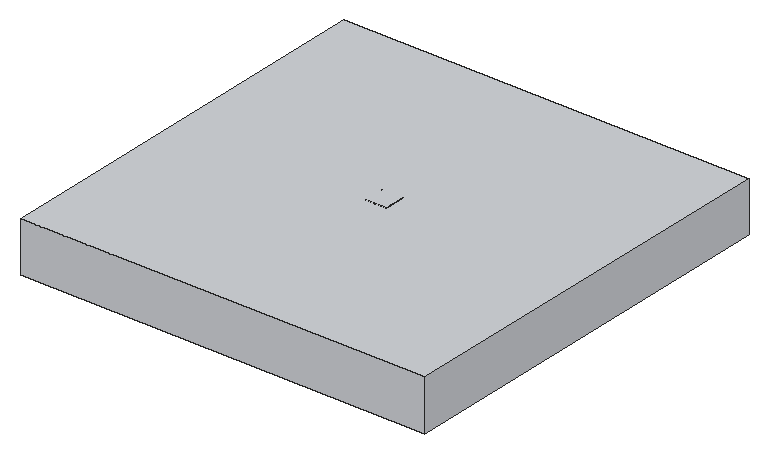
Revit family "M_Dreno de telhado - Retangular", category Peças hidrossanitárias, Revit 2019
Family settings
  Hospedeiro = Face
  Cota do conector redondo = Usar raio
  Tipo de parte = Normal
  Número OmniClass = 23.45.55.21
  Título OmniClass = Drains (Wastes)
  ID de item do Seek = Floor Drain - Rectangular-0000-CAN-ENU
  Corte com vazios quando carregada = Não
  Compartilhado = Não
  Ponto de cálculo do ambiente = Não
Parameters (values of type "125 mmx125 mm Filtro - Dreno de 50 mm")
  WFU = 2
  Altura do filtro = 83 mm
  Comprimento de meio filtro = 62.5 mm
  Comprimento do filtro = 2 * Comprimento de meio filtro  # 125 mm
  Raio 2 = (Raio do corpo - Raio da tubulação) / 3 * 2 + Raio da tubulação  # 77.133 mm
  Raio 1 = (Raio do corpo - Raio da tubulação) / 3 + Raio da tubulação  # 51.267 mm
  Raio 3 = 0.5 * Raio do corpo  # 51.5 mm
  Raio da tubulação = 25.4 mm
  Diâmetro da tubulação = 2 * Raio da tubulação  # 50.8 mm
  Altura 2 = 0.2 * Altura do corpo  # 18.4 mm
  Altura 1 = 0.5 * Altura do corpo  # 46 mm
  HWFU = 0
  Material da drenagem = none
  Default Elevation = 0 mm
  CWFU = 0
  Raio do corpo = 103 mm
  Altura do corpo = 92 mm
  Diâmetro do corpo = 2 * Raio do corpo  # 206 mm
Types (10, lengths in mm): name | WFU | Altura do filtro | Comprimento de meio filtro | Comprimento do filtro | Raio 2 | Raio 1 | Raio da tubulação | Diâmetro da tubulação | Altura 2 | Altura 1 | Altura do corpo
  (no name) | 2 | 83 | 62.5 | 125 | 77.133 | 51.267 | 25.4 | 50.8 | 18.4 | 46 | 92
  125 mmx125 mm Filtro - Dreno de 50 mm | 2 | 83 | 62.5 | 125 | 77.133 | 51.267 | 25.4 | 50.8 | 18.4 | 46 | 92
  125 mmx125 mm Filtro - Dreno de 80 mm | 3 | 83 | 62.5 | 125 | 82 | 61 | 40 | 80 | 18.4 | 46 | 92
  125 mmx125 mm Filtro - Dreno de 100 mm | 4 | 83 | 62.5 | 125 | 85.333 | 67.667 | 50 | 100 | 18.4 | 46 | 92
  150 mmx150 mm Filtro - Dreno de 50 mm | 2 | 83 | 75 | 150 | 77 | 51 | 25 | 50 | 16.4 | 41 | 82
  200 mmx200 mm Filtro - Dreno de 50 mm | 2 | 92 | 100 | 200 | 77 | 51 | 25 | 50 | 18.4 | 46 | 92
  150 mmx150 mm Filtro - Dreno de 80 mm | 3 | 83 | 75 | 150 | 82 | 61 | 40 | 80 | 18.4 | 46 | 92
  200 mmx200 mm Filtro - Dreno de 80 mm | 3 | 83 | 100 | 200 | 82 | 61 | 40 | 80 | 18.4 | 46 | 92
  150 mmx150 mm Filtro - Dreno de 100 mm | 4 | 83 | 60 | 120 | 85.333 | 67.667 | 50 | 100 | 18.4 | 46 | 92
  200 mmx200 mm Filtro - Dreno de 100 mm | 4 | 92 | 100 | 200 | 85.333 | 67.667 | 50 | 100 | 18.4 | 46 | 92
Reference planes
  plane 1 "Centro (Frente/Trás)": y = 0
  plane 2: z = 0
  plane 3 "Centro (Esquerda/Direita)": x = 0
  plane 4: z = -129
  plane 5: z = -110.6
  plane 6: z = -90.62
  plane 7: z = -175
  plane 8: z = -75.38
  plane 9: z = -15.24
  plane 10: z = -5.08
  plane 11 "Parte superior do filtro": z = 0
  plane 12: x = -62.5
  plane 13: x = 62.5
  plane 14: y = 62.5
  plane 15: y = -62.5
  plane 16: z = -83
  plane 17: x = -51.5
Forms (mm)
  Extrusion 1, solid
    sketch origin (0, 0, 0) x (1, 0, 0) y (0, 1, 0)
      loop
        line (-1219.2, 1219.2) -> (-1219.2, -1219.2) -> (1219.2, -1219.2) -> (1219.2, 1219.2) -> (-1219.2, 1219.2)
    from 0 to -304.8
  Extrusion 2, solid, material <- "Material da drenagem"
    sketch origin (0, 0, 0) x (-1, 0, 0) y (0, -1, 0)
      loop
        circle (0, 0) r 25.4
    from -175 to -129
  Extrusion 3, solid, material <- "Material da drenagem"
    sketch origin (0, 0, 0) x (-1, 0, 0) y (0, -1, 0)
      loop
        circle (0, 0) r 51.267
    from -129 to -110.6
  Extrusion 4, solid, material <- "Material da drenagem"
    sketch origin (0, 0, 0) x (-1, 0, 0) y (0, -1, 0)
      loop
        circle (0, 0) r 77.133
    from -110.6 to -90.62
  Extrusion 5, solid, material <- "Material da drenagem"
    sketch origin (0, 0, 0) x (-1, 0, 0) y (0, -1, 0)
      loop
        circle (0, 0) r 103
    from -90.62 to -83
  Extrusion 6, solid, material <- "Material da drenagem"
    sketch origin (0, 0, 0) x (-1, 0, 0) y (0, -1, 0)
      loop
        circle (0, 0) r 103
    from -83 to -75.38
  Extrusion 7, solid, material <- "Material da drenagem"
    sketch origin (0, 0, 0) x (-1, 0, 0) y (0, -1, 0)
      loop
        circle (0, 0) r 51.5
    from -75.38 to -15.24
  Revolve 8, solid, material <- "Material da drenagem"
    sketch origin (0, 0, 0) x (1, 0, 0) y (0, 0, 1)
      loop
        line (-62.5, -5.08) -> (-51.5, -15.24) -> (0, -15.24) -> (0, -5.08) -> (-62.5, -5.08)
      axis (0, -5.08) -> (0, -15.24)
    angle from 0 to 360
  Extrusion 9, solid, material <- "Material da drenagem"
    sketch origin (0, 0, 0) x (-1, 0, 0) y (0, -1, 0)
      loop
        line (62.5, -62.5) -> (62.5, 62.5) -> (-62.5, 62.5) -> (-62.5, -62.5) -> (62.5, -62.5)
    from -5.08 to 0
Cuts and joins
  joined: Extrusion 2, Extrusion 3, Extrusion 4, Extrusion 5
  joined: Extrusion 6, Extrusion 7, Revolve 8, Extrusion 9
Lines and regions (mm)
  model lines
    curve 1: line (-62.5, 0, 0) -> (62.5, 0, 0)
    curve 2: line (0, 62.5, 0) -> (0, -62.5, 0)
    curve 3: line (-50, 50, 0) -> (50, 50, 0)
    curve 4: line (-50, -50, 0) -> (-50, 50, 0)
    curve 5: line (50, -50, 0) -> (-50, -50, 0)
    curve 6: line (50, 50, 0) -> (50, -50, 0)
    curve 7: line (-37.5, 37.5, 0) -> (37.5, 37.5, 0)
    curve 8: line (-37.5, -37.5, 0) -> (-37.5, 37.5, 0)
    curve 9: line (37.5, -37.5, 0) -> (-37.5, -37.5, 0)
    curve 10: line (37.5, 37.5, 0) -> (37.5, -37.5, 0)
    curve 11: line (-25, 25, 0) -> (25, 25, 0)
    curve 12: line (-25, -25, 0) -> (-25, 25, 0)
    curve 13: line (25, -25, 0) -> (-25, -25, 0)
    curve 14: line (25, 25, 0) -> (25, -25, 0)
    curve 15: line (-12.5, 12.5, 0) -> (12.5, 12.5, 0)
    curve 16: line (-12.5, -12.5, 0) -> (-12.5, 12.5, 0)
    curve 17: line (12.5, -12.5, 0) -> (-12.5, -12.5, 0)
    curve 18: line (12.5, 12.5, 0) -> (12.5, -12.5, 0)
Dimensions and locks
  "Altura 2": plane 5 to plane 4
  "Altura 1": plane 4 to plane 7
  locked: plane 11 "Parte superior do filtro" to plane 10 at 5.08
  plane 11 "Parte superior do filtro" to plane 2 = 0 mm
  locked: plane 10 to plane 9 at 10.16
  equal spacing: plane 14, plane 1 "Centro (Frente/Trás)", plane 15
  "Comprimento de meio filtro": plane 14 to plane 1 "Centro (Frente/Trás)"
  equal spacing: plane 12, plane 3 "Centro (Esquerda/Direita)", plane 13
  "Comprimento de meio filtro": plane 3 "Centro (Esquerda/Direita)" to plane 13
  equal spacing: plane 14, curve 3, curve 7, curve 11, curve 15, plane 1 "Centro (Frente/Trás)"
  equal spacing: plane 12, curve 4, curve 8, curve 12, curve 16, plane 3 "Centro (Esquerda/Direita)"
  equal spacing: plane 1 "Centro (Frente/Trás)", curve 17, curve 13, curve 9, curve 5, plane 15
  equal spacing: plane 3 "Centro (Esquerda/Direita)", curve 18, curve 14, curve 10, curve 6, plane 13
  "Altura do filtro": plane 11 "Parte superior do filtro" to plane 16
  locked: plane 8 to plane 16 at 7.62
  locked: plane 16 to plane 6 at 7.62
  "Altura do corpo": plane 16 to plane 7
  "Raio 3": plane 17 to plane 3 "Centro (Esquerda/Direita)"
  "Raio da tubulação": radius of Extrusion 2 sketch curve
  "Raio 1": radius of Extrusion 3 sketch curve
  "Raio 2": radius of Extrusion 4 sketch curve
  "Raio do corpo": radius of Extrusion 5 sketch curve
  "Raio do corpo": radius of Extrusion 6 sketch curve
  "Raio 3": radius of Extrusion 7 sketch curve
  aligned and locked: plane 2 to Extrusion 1
  aligned and locked: level to Extrusion 1
  aligned and locked: plane 1 "Centro (Frente/Trás)" to curve 1
  aligned and locked: curve 2 to plane 3 "Centro (Esquerda/Direita)"
  aligned and locked: plane 12 to curve 1
  aligned and locked: plane 15 to curve 2
  aligned and locked: plane 1 "Centro (Frente/Trás)" to Extrusion 2 sketch curve
  aligned and locked: plane 3 "Centro (Esquerda/Direita)" to Extrusion 2 sketch curve
  aligned and locked: Extrusion 2 to plane 7
  aligned and locked: plane 4 to Extrusion 2
  aligned and locked: plane 1 "Centro (Frente/Trás)" to Extrusion 3 sketch curve
  aligned and locked: plane 3 "Centro (Esquerda/Direita)" to Extrusion 3 sketch curve
  aligned and locked: Extrusion 3 to plane 4
  aligned and locked: plane 5 to Extrusion 3
  aligned and locked: plane 1 "Centro (Frente/Trás)" to Extrusion 4 sketch curve
  aligned and locked: plane 3 "Centro (Esquerda/Direita)" to Extrusion 4 sketch curve
  aligned and locked: Extrusion 4 to plane 5
  aligned and locked: plane 6 to Extrusion 4
  aligned and locked: plane 1 "Centro (Frente/Trás)" to Extrusion 5 sketch curve
  aligned and locked: plane 3 "Centro (Esquerda/Direita)" to Extrusion 5 sketch curve
  aligned and locked: Extrusion 5 to plane 6
  aligned and locked: plane 16 to Extrusion 5
  aligned and locked: plane 1 "Centro (Frente/Trás)" to Extrusion 6 sketch curve
  aligned and locked: plane 3 "Centro (Esquerda/Direita)" to Extrusion 6 sketch curve
  aligned and locked: Extrusion 6 to plane 16
  aligned and locked: plane 8 to Extrusion 6
  aligned and locked: plane 1 "Centro (Frente/Trás)" to Extrusion 7 sketch curve
  aligned and locked: plane 3 "Centro (Esquerda/Direita)" to Extrusion 7 sketch curve
  aligned and locked: Extrusion 7 to plane 8
  aligned and locked: plane 9 to Extrusion 7
  aligned and locked: plane 3 "Centro (Esquerda/Direita)" to Revolve 8 sketch curve  (x2)
  aligned and locked: plane 17 to Revolve 8 sketch curve
  aligned and locked: plane 9 to Revolve 8 sketch curve  (x2)
  aligned and locked: plane 10 to Revolve 8 sketch curve  (x2)
  aligned and locked: plane 12 to Revolve 8 sketch curve
  aligned and locked: Revolve 8 sketch curve to plane 3 "Centro (Esquerda/Direita)"
  aligned and locked: plane 12 to Extrusion 9 sketch curve  (x2)
  aligned and locked: Extrusion 9 sketch curve to plane 14
  aligned and locked: plane 13 to Extrusion 9 sketch curve
  aligned and locked: plane 15 to Extrusion 9 sketch curve
  aligned and locked: plane 14 to Extrusion 9 sketch curve
  aligned and locked: Extrusion 9 sketch curve to plane 13
  aligned and locked: Extrusion 9 to plane 10
  aligned and locked: plane 11 "Parte superior do filtro" to Extrusion 9
Automatic sketch dimensions
  Extrusion 1 sketch curve to Extrusion 1 sketch curve = 2438.4 mm  (x2)
  curve 1 to plane 13 = 0 mm
  curve 2 to plane 14 = 0 mm
  Revolve 8 sketch curve to plane 9 = 0 mm
  Revolve 8 sketch curve to plane 10 = 0 mm
Connectors
  piping at (0, 0, -175), diameter 50.8, driven by "Raio da tubulação", driven by "WFU"
    settings: on cut or joined group of Extrusion 2, Extrusion 3, Extrusion 4, Extrusion 5, index 1, connector inside diameter 50.8 mm, connector length 0 mm, flow factor 0, pipe flow 0.0 L/s, pressure drop 0.0 Pa, fitting loss kfactor 0, connector angle 0.00°, fixture units 2, engagement length 0 mm, angle of deflection 0.00°, flow configuration 3, flow direction 2, fitting loss method 0, system type 16, joint type 0, gender type 0, connector reference index -1, connector utility 0, adjustable connector no, is connector primary yes, connector description "Saída"
